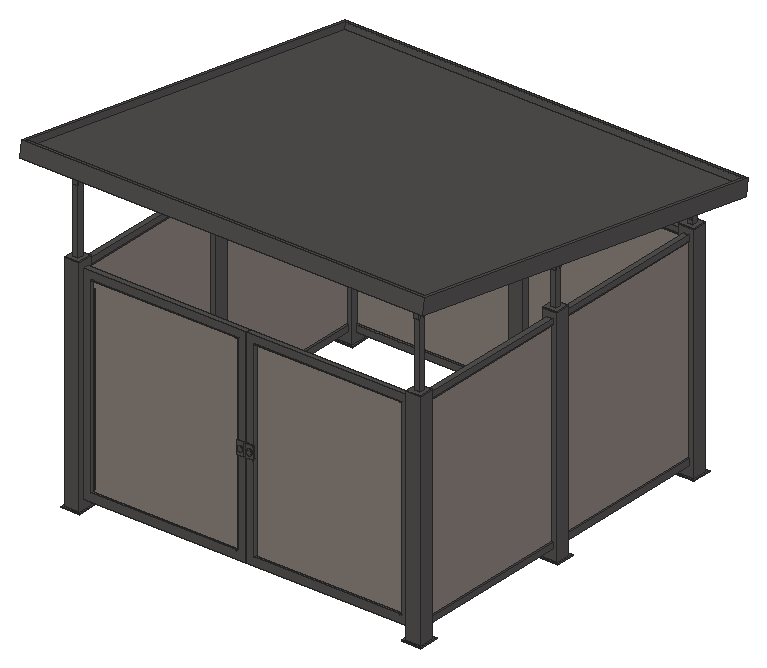
Revit family "Specialty_Equipment-Covrit-Roofed_Enclosure-Single-rev2", category Specialty Equipment, Revit 2023
Family settings
  Round Connector Dimension = Use Diameter
  Part Type = Normal
  Work Plane-Based = No
  Enable Cutting in Views = No
  Always vertical = Yes
  Cut with Voids When Loaded = No
  Maintain Annotation Orientation = No
  Shared = No
  Room Calculation Point = No
Parameters (values of type "1111R")
  URL = "https://cityscapesinc.com/"
  Model = "1111R"
  CD_Width Requested = 11' - 0"
  CD_Width Min = 11' - 0"  # constant formula
  CD_Width Max = 22' - 0"  # constant formula
  CD_Width = if(CD_Width Requested < CD_Width Min, CD_Width Min, if(CD_Width Requested > CD_Width Max, CD_Width Max, CD_Width Requested))  # 11' - 0"
  Type Comments = if(CD_Surface Mount, "Surface Mounted Covrit System", "Direct Bury Covrit System")  # "Surface Mounted Covrit System"
  CD_Surface Mount = not(CD_Direct Bury)  # yes
  CD_Product Page = "https://cityscapesinc.com/products/covrit/dumpster-enclosures"
  CD_Product Name = "Covrit Dumpster Enclosure"  # constant formula
  CD_Product Documentation Link = "https://cityscapesinc.com/products/covrit/dumpster-enclosures"
  CD_Post Spacing Width = (CD_Width / CD_# Panels Width)  # 5' - 6"
  CD_Post Spacing Depth = CD_Depth / 2  # 5' - 6"
  Manufacturer = "CityScapes"  # constant formula
  CD_Microsite = "https://www.caddetails.com/"
  CD_Infill = no
  CD_Height Roof Eave = 7' - 9"  # constant formula
  CD_Direct Bury = no
  Description = "Dumpster Gates & Walls"  # constant formula
  CD_Depth Requested = 11' - 0"
  CD_Depth Min = 11' - 0"  # constant formula
  CD_Depth Max = 13' - 0"  # constant formula
  CD_Depth = if(CD_Depth Requested < CD_Depth Min, CD_Depth Min, if(CD_Depth Requested > CD_Depth Max, CD_Depth Max, CD_Depth Requested))  # 11' - 0"
  CD_Height Wall = if(CD_8' Wall, 8' 0", if(CD_9' Wall, 9' 0", 7' 0"))  # 7' - 0"
  CD_Height Roof Peak = CD_Height Wall + 3' 8"  # 10' - 8"
  Default Elevation = 0' - 0"  # constant formula
  CD_Width Gate = CD_Width / 2  # 5' - 6"
  CD_Finish Frame = Metal-Aluminum-Cityscapes-Electric_Black
  CD_Finish = Plastic-PVC-CityScapes-Vertical-Kona
  CD_Embeddment Offset = if(CD_Direct Bury, 4' 0", 0' 0")  # 0' - 0"
  CD_9' Wall = no
  CD_8' Wall = no
  CD_7' Wall = not(or(CD_8' Wall, CD_9' Wall))  # yes
  CD_# Panels Width = 2  # constant formula
Types (5): name | Model | CD_Width Requested | CD_Width | CD_Post Spacing Width | CD_Post Spacing Depth | CD_Infill | CD_Depth Requested | CD_Depth | CD_Width Gate
  1111R | "1111R" | 11' - 0" | 11' - 0" | 5' - 6" | 5' - 6" | no | 11' - 0" | 11' - 0" | 5' - 6"
  1111R (Infill) | "1111R" | 11' - 0" | 11' - 0" | 5' - 6" | 5' - 6" | yes | 11' - 0" | 11' - 0" | 5' - 6"
  1313R | "1111R" | 13' - 0" | 13' - 0" | 6' - 6" | 6' - 6" | no | 13' - 0" | 13' - 0" | 6' - 6"
  1313R (Infill) | "1313R" | 13' - 0" | 13' - 0" | 6' - 6" | 6' - 6" | yes | 13' - 0" | 13' - 0" | 6' - 6"
  Custom Size | "Custom" | 13' - 0" | 13' - 0" | 6' - 6" | 6' - 6" | no | 13' - 0" | 13' - 0" | 6' - 6"
Reference planes (in)
  plane 1 "Center (Front/Back)": y = 0
  plane 2 "Bottom": z = 0
  plane 3 "Center (Left/Right)": x = 0
  plane 4 "Back": y = 66
  plane 5 "Front": y = -66
  plane 6 "Left": x = -66
  plane 7 "Right": x = 66
  plane 8 "Roof Peak": z = 128
  plane 9 "Roof Eave": z = 93
  plane 10 "roof offset front": y = -78
  plane 11 "roof offset back": y = 78
Lines and regions (in)
  reference lines
    curve 1: line (0, 78, 93) -> (0, -78, 128)
Dimensions and locks (in)
  equal spacing: plane 6 "Left", plane 3 "Center (Left/Right)", plane 7 "Right"
  "CD_Width": plane 6 "Left" to plane 7 "Right"
  equal spacing: plane 5 "Front", plane 1 "Center (Front/Back)", plane 4 "Back"
  "CD_Depth": plane 5 "Front" to plane 4 "Back"
  "CD_Height Roof Peak": plane 8 "Roof Peak" to plane 2 "Bottom"
  "CD_Height Roof Eave": plane 9 "Roof Eave" to plane 2 "Bottom"
  locked: plane 5 "Front" to plane 10 "roof offset front" at 12
  locked: plane 11 "roof offset back" to plane 4 "Back" at 12
  plane 6 "Left" to plane 3 "Center (Left/Right)" = 5' - 6"
  plane 3 "Center (Left/Right)" to plane 7 "Right" = 5' - 6"
  aligned and locked: level to plane 2 "Bottom"
  aligned and locked: plane 5 "Front" to nested 1
  aligned and locked: plane 4 "Back" to nested 1
  aligned and locked: plane 6 "Left" to nested 2
  aligned and locked: plane 4 "Back" to nested 3
  aligned and locked: plane 5 "Front" to nested 3
  aligned and locked: plane 6 "Left" to nested 1
  aligned and locked: plane 4 "Back" to nested 2
  aligned and locked: plane 11 "roof offset back" to curve 1
  aligned and locked: plane 9 "Roof Eave" to curve 1
  aligned and locked: plane 10 "roof offset front" to curve 1
  aligned and locked: plane 8 "Roof Peak" to curve 1
  aligned and locked: plane 8 "Roof Peak" to nested 4
  aligned and locked: plane 1 "Center (Front/Back)" to nested 4
  aligned and locked: nested 4 to curve 1
  aligned and locked: plane 5 "Front" to nested 6
  aligned and locked: nested 5 to plane 5 "Front"
  aligned and locked: nested 3 to plane 7 "Right"
  aligned and locked: nested 6 to plane 3 "Center (Left/Right)"
  aligned and locked: plane 6 "Left" to nested 6
  aligned and locked: nested 5 to plane 3 "Center (Left/Right)"
  aligned and locked: plane 7 "Right" to nested 5
  aligned and locked: plane 7 "Right" to nested 2
Nested families (in)
  nested 1: "Specialty_Equipment-Cityscapes-Covrit_NESTED" at (-66, -66, 0) x (0, 1, 0) z (0, 0, 1), type "Covrit_Line-Based_Nested"
    with built-in parameter 1001306 11 (stored number, unit not read), CD_n_Posts Calc 2, CD_n_Posts 2, CD_n_Panels 2, CD_Show First Post yes, CD_Post Spacing Control 5' - 6", CD_Post Spacing 5' - 6", CD_Panel Width 5' - 0 1/2", CD_Offset Intermediate Posts 0' - 0", CD_Offset 2 Post 0' - 0", CD_Length Actual 11' - 0", CD_Last Post Calc 0, CD_Intermediate Posts yes, CD_2 Post no, # Posts 2, CD_Wall Height Control 7' - 0", CD_H Post 7' - 0", CD_H Panel 7' - 0", CD_Wall Height 7' - 0"
  nested 2: "Specialty_Equipment-Cityscapes-Covrit_NESTED" at (-66, 66, 0), type "Covrit_Line-Based_Nested"
    with built-in parameter 1001306 11 (stored number, unit not read), CD_n_Posts Calc 2, CD_n_Posts 2, CD_n_Panels 2, CD_Show First Post no, CD_Post Spacing Control 5' - 6", CD_Post Spacing 5' - 6", CD_Panel Width 5' - 0 1/2", CD_Offset Intermediate Posts 0' - 0", CD_Offset 2 Post 0' - 0", CD_Length Actual 11' - 0", CD_Last Post Calc 0, CD_Intermediate Posts yes, CD_2 Post no, # Posts 2, CD_Wall Height Control 7' - 0", CD_H Post 7' - 0", CD_H Panel 7' - 0", CD_Wall Height 7' - 0"
  nested 3: "Specialty_Equipment-Cityscapes-Covrit_NESTED" at (66, 66, 0) x (0, -1, 0) z (0, 0, 1), type "Covrit_Line-Based_Nested"
    with built-in parameter 1001306 11 (stored number, unit not read), CD_n_Posts Calc 2, CD_n_Posts 2, CD_n_Panels 2, CD_Show First Post no, CD_Post Spacing Control 5' - 6", CD_Post Spacing 5' - 6", CD_Panel Width 5' - 0 1/2", CD_Offset Intermediate Posts 0' - 0", CD_Offset 2 Post 0' - 0", CD_Length Actual 11' - 0", CD_Last Post Calc 0, CD_Intermediate Posts yes, CD_2 Post no, # Posts 2, CD_Wall Height Control 7' - 0", CD_H Post 7' - 0", CD_H Panel 7' - 0", CD_Wall Height 7' - 0"
  nested 4: "Specialty_Equipment-Covrit-Roofed_Enclosure-Roof_1111R_NESTED" at (0, 0, 128), type "1111R"
  nested 5: "Specialty_Equipment-Cityscapes-Covrit_Gate_NESTED" at (30, -65.5, 0) x (-1, 0, 0) z (0, 0, 1), H <- "CD_Height Wall", Material_Frame <- "CD_Finish Frame", Material_Panel <- "CD_Finish", type "7.2 Rib"
    with W 5' - 6", Material_Panel Plastic-PVC-CityScapes-Vertical-Kona, Material_Frame Metal-Aluminum-Cityscapes-Electric_Black, H 7' - 0"
  nested 6: "Specialty_Equipment-Cityscapes-Covrit_Gate_NESTED" at (-30, -65.5, 0), H <- "CD_Height Wall", Material_Frame <- "CD_Finish Frame", Material_Panel <- "CD_Finish", type "7.2 Rib"
    with W 5' - 6", Material_Panel Plastic-PVC-CityScapes-Vertical-Kona, Material_Frame Metal-Aluminum-Cityscapes-Electric_Black, H 7' - 0"
Definition of nested family "Specialty_Equipment-Cityscapes-Covrit_NESTED"
  Parameters (values of type "Covrit_Line-Based_Nested")
    Type Comments = if(CD_Surface Mount, "Surface Mounted Covrit System", "Direct Bury Covrit System")  # "Surface Mounted Covrit System"
    CD_Wall Height Control = if(CD_Wall Height < 14' 0", CD_Wall Height, 14' 0")  # 6' - 4"
    CD_Surface Mount Offset = 0' - 0"  # constant formula
    CD_Post Spacing [instance] = CD_Length Actual / # Posts  # 6' - 6"
    CD_Intermediate Posts [instance] = if(CD_n_Posts Calc < 2, 1 = 0, 1 = 1)  # yes
    CD_Show First Post [instance] = yes
    CD_Direct Bury Embedment Depth = 4' - 0"
    CD_2 Post [instance] = no
    CD_n_Posts Calc [instance] = ([built-in parameter 1001306] / CD_Post Spacing Control) - CD_Last Post Calc  # 2
    CD_n_Posts [instance] = if((([built-in parameter 1001306] / CD_Post Spacing Control) - CD_Last Post Calc) < 2, 2, (rounddown(([built-in parameter 1001306] / CD_Post Spacing Control) - CD_Last Post Calc)))  # 2
    CD_n_Panels [instance] = if((([built-in parameter 1001306] / CD_Post Spacing Control) - CD_Last Post Calc) < 2, 2, (rounddown(([built-in parameter 1001306] / CD_Post Spacing Control))))  # 2
    URL = "https://cityscapesinc.com/"
    CD_Offset Intermediate Posts [instance] = if(CD_Intermediate Posts, 0' 0", 0' 0")  # 0' - 0"
    CD_Offset 2 Post [instance] = if(CD_2 Post, 0' 0 1/4", 0' 0")  # 0' - 0"
    Model = "Covrit"  # constant formula
    CD_Finish = none
    CD_Finish Frame = none
    Manufacturer = "CityScapes"  # constant formula
    built-in parameter 1001306 [instance] = CD_Length Actual  # 13' - 0"
    CD_Post Embedment = if(CD_Surface Mount, CD_Surface Mount Offset, CD_Direct Bury Embedment Depth)  # 0' - 0"
    CD_H Post = CD_Wall Height Control  # 6' - 4"
    CD_H Panel = CD_Wall Height Control  # 6' - 4"
    Description = "Dumpster Gates & Walls"  # constant formula
    Default Elevation = 0' - 0"  # constant formula
    CD_Wall Height = 6' - 4"
    CD_Product Page URL = "https://cityscapesinc.com/products/covrit/gates-walls"
    CD_Product Name = "Covrit"  # constant formula
    CD_Product Documentation Link = "https://9415688.fs1.hubspotusercontent-na1.net/hubfs/9415688/CityScapes%20Inc%20Assets/Brochures/Covrit%20Brochure.pdf"
    CD_Microsite = "https://www.caddetails.com/"
    CD_Surface Mount = yes
    CD_Post Spacing Control [instance] = if(CD_Post Spacing < 4' 0", 4' 0", if(CD_Post Spacing > 6' 6", 6' 6", CD_Post Spacing))  # 6' - 6"
    CD_Panel Width [instance] = CD_Post Spacing Control - 0' 5 1/2"  # 6' - 0 1/2"
    CD_Length Actual [instance] = 13' - 0"
    CD_Last Post Calc [instance] = 0
    CD_Direct Bury = not(CD_Surface Mount)  # no
    Assembly Code = "E1010900"
    # Posts [instance] = if(CD_Length Actual < 14' 0", 2, if(CD_Length Actual > 19' 6", 4, 3))  # 2
  Reference planes (in)
    plane 1 "Center (Front/Back)": y = 0
    plane 2 "Bottom": z = 0
    plane 3 "Left": x = 0
    plane 4 "Right": x = 156
    plane 5 "Post 1": x = 78
    plane 6 "Post End": x = 156
    plane 7 "Post 2": x = 156
    plane 8 "2 Post Offset": y = 0
    plane 9 "Intermediate Post Offset": y = 0
    plane 10 "Insertion Plane": x = 2.75
  Lines and regions (in)
    reference lines
      curve 1: line (0, 0, 0) -> (156, 0, 0)
  Dimensions and locks (in)
    "built-in parameter 1001306": plane 3 "Left" to plane 4 "Right"
    "CD_Post Spacing Control": plane 3 "Left" to plane 5 "Post 1"
    "CD_Length Actual": plane 3 "Left" to plane 6 "Post End"
    "CD_Post Spacing Control": plane 5 "Post 1" to plane 7 "Post 2"
    group 1 to group 2 = 6' - 6"
    group 1 to group 2 = 0' - 0"  (x2)
    group 3 to group 4 = 6' - 6"
    group 3 to group 4 = 0' - 0"  (x2)
    "CD_Offset 2 Post": plane 8 "2 Post Offset" to plane 1 "Center (Front/Back)"
    "CD_Offset Intermediate Posts": plane 9 "Intermediate Post Offset" to plane 1 "Center (Front/Back)"
    plane 3 "Left" to plane 10 "Insertion Plane" = 0' - 2 3/4"
    aligned and locked: plane 4 "Right" to curve 1
    aligned and locked: plane 1 "Center (Front/Back)" to curve 1
    aligned and locked: plane 3 "Left" to curve 1
    aligned and locked: level to plane 2 "Bottom"
    aligned and locked: plane 3 "Left" to nested 1
    aligned and locked: plane 5 "Post 1" to nested 2
    aligned and locked: plane 7 "Post 2" to nested 3
    aligned and locked: plane 6 "Post End" to nested 4
    aligned and locked: nested 5 to level
    aligned and locked: plane 3 "Left" to nested 5
    aligned and locked: plane 3 "Left" to nested 6
    aligned and locked: plane 5 "Post 1" to nested 7
    aligned and locked: plane 8 "2 Post Offset" to nested 6
    aligned and locked: plane 8 "2 Post Offset" to nested 4
    aligned and locked: plane 9 "Intermediate Post Offset" to nested 5
    aligned and locked: plane 9 "Intermediate Post Offset" to nested 7
    aligned and locked: plane 9 "Intermediate Post Offset" to nested 2
    aligned and locked: plane 9 "Intermediate Post Offset" to nested 3
    aligned and locked: plane 1 "Center (Front/Back)" to nested 1
  Nested families (in)
    nested 1: "Specialty_Equipment-Cityscapes-Covrit_Post_NESTED" at (0, 0, 0), visible <- "CD_Show First Post", H <- "CD_H Post", CD_Finish Frame <- "CD_Finish Frame", CD_Embedment Offset <- "CD_Post Embedment", type "Specialty_Equipment-Cityscapes-Covrit_Post_NESTED"
      with H 6' - 4", CD_Finish Frame none, CD_Embedment Offset 0' - 0", CD_Baseplate yes
    nested 2: "Specialty_Equipment-Cityscapes-Covrit_Post_NESTED" at (78, 0, 0), visible <- "CD_Intermediate Posts", H <- "CD_H Post", CD_Finish Frame <- "CD_Finish Frame", CD_Embedment Offset <- "CD_Post Embedment", type "Specialty_Equipment-Cityscapes-Covrit_Post_NESTED"
      with H 6' - 4", CD_Finish Frame none, CD_Embedment Offset 0' - 0", CD_Baseplate yes
    nested 3: "Specialty_Equipment-Cityscapes-Covrit_Post_NESTED" at (156, 0, 0), visible <- "CD_Intermediate Posts", H <- "CD_H Post", CD_Finish Frame <- "CD_Finish Frame", CD_Embedment Offset <- "CD_Post Embedment", type "Specialty_Equipment-Cityscapes-Covrit_Post_NESTED"
      with H 6' - 4", CD_Finish Frame none, CD_Embedment Offset 0' - 0", CD_Baseplate yes
    nested 4: "Specialty_Equipment-Cityscapes-Covrit_Post_NESTED" at (156, 0, 0), visible <- "CD_2 Post", H <- "CD_H Post", CD_Finish Frame <- "CD_Finish Frame", CD_Embedment Offset <- "CD_Post Embedment", type "Specialty_Equipment-Cityscapes-Covrit_Post_NESTED"
      with H 6' - 4", CD_Finish Frame none, CD_Embedment Offset 0' - 0", CD_Baseplate yes
    nested 5: "Specialty_Equipment-Cityscapes-Covrit_Panel" at (39, 0.5, 0), H <- "CD_H Panel", visible <- "CD_Intermediate Posts", W <- "CD_Post Spacing Control", Material_Frame <- "CD_Finish Frame", Material_Panel <- "CD_Finish", type "7.2 Rib"
      with W 6' - 6", Material_Panel none, Material_Frame none, H 6' - 4"
    nested 6: "Specialty_Equipment-Cityscapes-Covrit_Panel" at (39, 0.5, 0), H <- "CD_H Panel", visible <- "CD_2 Post", W <- "CD_Post Spacing Control", Material_Frame <- "CD_Finish Frame", Material_Panel <- "CD_Finish", type "7.2 Rib"
      with W 6' - 6", Material_Panel none, Material_Frame none, H 6' - 4"
    nested 7: "Specialty_Equipment-Cityscapes-Covrit_Panel" at (117, 0.5, 0), H <- "CD_H Panel", visible <- "CD_Intermediate Posts", W <- "CD_Post Spacing Control", Material_Frame <- "CD_Finish Frame", Material_Panel <- "CD_Finish", type "7.2 Rib"
      with W 6' - 6", Material_Panel none, Material_Frame none, H 6' - 4"
  Definition of nested family "Specialty_Equipment-Cityscapes-Covrit_Post_NESTED"
    Parameters (values of type "Specialty_Equipment-Cityscapes-Covrit_Post_NESTED")
      CD_Baseplate [instance] = if(CD_Embedment Offset = 0' 0", 1 = 1, 1 = 0)  # no
      W = 0' - 5 1/2"  # constant formula
      CD_Finish Frame [instance] = none
      CD_Embedment Offset [instance] = 4' - 0"
      H [instance] = 8' - 0"
      Default Elevation = 0' - 0"  # constant formula
      D = 0' - 5 1/2"  # constant formula
    Reference planes (in)
      plane 1 "Center (Front/Back)": y = 0
      plane 2 "Bottom": z = 0
      plane 3 "Center (Left/Right)": x = 0
      plane 4: x = -2.75
      plane 5: x = 2.75
      plane 6: y = 2.75
      plane 7: y = -2.75
      plane 8 "Top": z = 96
      plane 9 "Embedment": z = -48
      plane 10 "Top Offset": z = 98.5
    Forms (in)
      Extrusion 1, solid, material <- "CD_Finish Frame"
        sketch origin (0, 0, 0) x (1, 0, 0) y (0, 1, 0)
          loop
            line (-2.75, -2.75) -> (2.75, -2.75) -> (2.75, 2.75) -> (-2.75, 2.75) -> (-2.75, -2.75)
        from -48 to 98.5
      Extrusion 2, solid, material <- "CD_Finish Frame", visible <- "CD_Baseplate", detail levels fine
        sketch origin (0, 0, 0) x (1, 0, 0) y (0, 1, 0)
          loop
            line (-3.75, 3.75) -> (-3.75, -3.75) -> (3.75, -3.75) -> (3.75, 3.75) -> (-3.75, 3.75)
        from 0 to 0.25
    Dimensions and locks (in)
      equal spacing: plane 4, plane 3 "Center (Left/Right)", plane 5
      "W": plane 4 to plane 5
      "D": plane 7 to plane 6
      equal spacing: plane 7, plane 1 "Center (Front/Back)", plane 6
      "H": plane 8 "Top" to level
      plane 1 "Center (Front/Back)" to Extrusion 1 = 0' - 2 3/4"
      Extrusion 2 sketch curve to plane 3 "Center (Left/Right)" to Extrusion 2 sketch curve = 0' - 3 3/4" locked, 0' - 3 3/4" locked
      Extrusion 2 sketch curve to plane 1 "Center (Front/Back)" to Extrusion 2 sketch curve = 0' - 3 3/4" locked, 0' - 3 3/4" locked
      locked: Extrusion 2 to level at 0.25
      "CD_Embedment Offset": level to plane 9 "Embedment"
      locked: plane 10 "Top Offset" to plane 8 "Top" at 2.5
      aligned and locked: level to plane 2 "Bottom"
      aligned and locked: Extrusion 1 to plane 6
      aligned and locked: plane 5 to Extrusion 1
      aligned and locked: plane 7 to Extrusion 1
      aligned and locked: Extrusion 1 to plane 4
      aligned and locked: Extrusion 1 to plane 9 "Embedment"
      aligned and locked: plane 10 "Top Offset" to Extrusion 1
    Automatic sketch dimensions
      plane 4 to Extrusion 1 sketch curve = 0' - 0"
      plane 5 to Extrusion 1 sketch curve = 0' - 0"
      plane 1 "Center (Front/Back)" to Extrusion 1 sketch curve = 0' - 2 3/4"
      plane 6 to Extrusion 1 sketch curve = 0' - 0"
  Definition of nested family "Specialty_Equipment-Cityscapes-Covrit_Panel"
    Parameters (values of type "7.2 Rib")
      TH Panel = 0' - 1"
      Material_Panel [instance] = none
      Material_Frame [instance] = none
      D Rail = 0' - 2"
      W [instance] = 6' - 0"
      H Rail = 0' - 2 3/4"
      H [instance] = 8' - 0"
      Default Elevation = 0' - 0"  # constant formula
      D = 0' - 5 1/2"  # constant formula
      CD_Curb Height = 0' - 4"  # constant formula
    Reference planes (in)
      plane 1 "Bottom": z = 0
      plane 2 "Center (Left/Right)": x = 0
      plane 3 "Left": x = -36
      plane 4 "Right": x = 36
      plane 5 "L Panel": x = -33.25
      plane 6 "R Panel": x = 33.25
      plane 7 "B Panel": z = 4
      plane 8 "Rail H Top": z = 93.25
      plane 9 "Rail H Bottom": z = 6.75
      plane 10 "Center (Front/Back)": y = -0.5
      plane 11 "H": z = 96
      plane 12 "Front Panel": y = -1
      plane 13 "Back Panel": y = 0
    Forms (in)
      Extrusion 1, solid, material <- "Material_Frame", detail levels coarse
        sketch origin (0, -0.25, 8) x (0, 1, 0) y (0, 0, 1)
          loop
            line (0.75, -4) -> (0.75, -1.25) -> (0.25, -1.25) -> (0.25, -2.25) -> (-0.75, -2.25) -> (-0.75, -1.25) -> (-1.25, -1.25) -> (-1.25, -4) -> (0.75, -4)
          loop
            line (0.75, 85.25) -> (0.75, 88) -> (-1.25, 88) -> (-1.25, 85.25) -> (-0.75, 85.25) -> (-0.75, 86.25) -> (0.25, 86.25) -> (0.25, 85.25) -> (0.75, 85.25)
        from -33.25 to 33.25
      Extrusion 2, solid, material <- "Material_Frame", detail levels medium+fine
        sketch origin (0, 0, 0) x (0, 1, 0) y (0, 0, 1)
          loop
            line (-1.5, 96) -> (-1.5, 93.75)
            arc (-1.5, 93.75) -> (-1.35355, 93.39645) -> (-1, 93.25) r 0.5
            line (-1, 93.25) -> (-1, 94.25) -> (0, 94.25) -> (0, 93.25)
            arc (0, 93.25) -> (0.35355, 93.39645) -> (0.5, 93.75) r 0.5
            line (0.5, 93.75) -> (0.5, 96) -> (-1.5, 96)
          loop
            line (-1.5, 6.25) -> (-1.5, 4) -> (0.5, 4) -> (0.5, 6.25)
            arc (0.5, 6.25) -> (0.35355, 6.60355) -> (0, 6.75) r 0.5
            line (0, 6.75) -> (0, 5.75) -> (-1, 5.75) -> (-1, 6.75)
            arc (-1, 6.75) -> (-1.35355, 6.60355) -> (-1.5, 6.25) r 0.5
        from -33.25 to 33.25
      Extrusion 3, solid, material <- "Material_Panel"
        sketch origin (0, -0.5, 0) x (1, 0, 0) y (0, 0, 1)
          loop
            line (-33.25, 94.25) -> (-33.25, 5.75) -> (33.25, 5.75) -> (33.25, 94.25) -> (-33.25, 94.25)
        from -0.5 to 0.5
    Dimensions and locks (in)
      equal spacing: plane 3 "Left", plane 2 "Center (Left/Right)", plane 4 "Right"
      "W": plane 3 "Left" to plane 4 "Right"
      locked: plane 3 "Left" to plane 5 "L Panel" at 2.75
      locked: plane 6 "R Panel" to plane 4 "Right" at 2.75
      "H Rail": plane 9 "Rail H Bottom" to plane 7 "B Panel"
      "D Rail": Extrusion 1 sketch curve to Extrusion 1 sketch curve  (x2)
      equal spacing: Extrusion 1 sketch curve, plane 10 "Center (Front/Back)", Extrusion 1 sketch curve  (x2)
      "CD_Curb Height": plane 7 "B Panel" to level
      "H": plane 11 "H" to level
      "H Rail": plane 11 "H" to plane 8 "Rail H Top"
      locked: Extrusion 1 sketch curve to plane 8 "Rail H Top" at 1
      Extrusion 1 sketch curve to plane 10 "Center (Front/Back)" to Extrusion 1 sketch curve = 0' - 0 1/2" locked, 0' - 0 1/2" locked  (x2)
      locked: plane 9 "Rail H Bottom" to Extrusion 1 sketch curve at 1
      "D Rail": Extrusion 2 sketch curve to Extrusion 2 sketch curve  (x2)
      equal spacing: Extrusion 2 sketch curve, plane 10 "Center (Front/Back)", Extrusion 2 sketch curve  (x2)
      locked: plane 9 "Rail H Bottom" to Extrusion 2 sketch curve at 1
      locked: Extrusion 2 sketch curve to plane 8 "Rail H Top" at 1
      equal spacing: plane 12 "Front Panel", plane 10 "Center (Front/Back)", plane 13 "Back Panel"
      "TH Panel": plane 12 "Front Panel" to plane 13 "Back Panel"
      locked: plane 9 "Rail H Bottom" to Extrusion 3 at 1
      locked: Extrusion 3 to plane 8 "Rail H Top" at 1
      aligned and locked: level to plane 1 "Bottom"
      aligned and locked: plane 6 "R Panel" to Extrusion 1
      aligned and locked: Extrusion 1 to plane 5 "L Panel"
      aligned and locked: plane 8 "Rail H Top" to Extrusion 1 sketch curve
      aligned and locked: Extrusion 1 sketch curve to plane 11 "H"
      aligned and locked: plane 7 "B Panel" to Extrusion 1 sketch curve
      aligned and locked: Extrusion 1 sketch curve to plane 9 "Rail H Bottom"
      aligned and locked: plane 11 "H" to Extrusion 2 sketch curve
      aligned and locked: Extrusion 2 sketch curve to plane 7 "B Panel"
      aligned and locked: plane 8 "Rail H Top" to Extrusion 2 sketch curve  (x2)
      aligned and locked: plane 9 "Rail H Bottom" to Extrusion 2 sketch curve  (x2)
      aligned and locked: plane 6 "R Panel" to Extrusion 2
      aligned and locked: Extrusion 2 to plane 5 "L Panel"
      aligned and locked: Extrusion 2 sketch curve to plane 12 "Front Panel"  (x2)
      aligned and locked: plane 13 "Back Panel" to Extrusion 2 sketch curve  (x2)
      aligned and locked: Extrusion 3 to plane 13 "Back Panel"
      aligned and locked: plane 12 "Front Panel" to Extrusion 3
      aligned and locked: Extrusion 3 to plane 5 "L Panel"
      aligned and locked: plane 6 "R Panel" to Extrusion 3
    Automatic sketch dimensions
      plane 5 "L Panel" to Extrusion 3 sketch curve = 0' - 0"
      Extrusion 3 sketch curve to plane 6 "R Panel" = 0' - 0"
      Extrusion 3 sketch curve to plane 9 "Rail H Bottom" = 0' - 1"
      plane 8 "Rail H Top" to Extrusion 3 sketch curve = 0' - 1"
      Extrusion 1 sketch curve to plane 9 "Rail H Bottom" = 0' - 0"
      Extrusion 1 sketch curve to plane 8 "Rail H Top" = 0' - 0"
      Extrusion 2 sketch curve to plane 12 "Front Panel" = 0' - 0"
      Extrusion 2 sketch curve to plane 8 "Rail H Top" = 0' - 0"
Definition of nested family "Specialty_Equipment-Covrit-Roofed_Enclosure-Roof_1111R_NESTED"
  Parameters (values of type "1111R")
    Width Requested = 16' - 0"
    Width Min = 11' - 0"  # constant formula
    Width Max = 22' - 0"  # constant formula
    Width = if(Width Requested < Width Min, Width Min, if(Width Requested > Width Max, Width Max, Width Requested))  # 16' - 0"
    Post Spacing Depth = Depth / 2  # 6' - 6"
    Infill = no
    Height Roof Eave = 7' - 9"  # constant formula
    Height Post Middle = 1' - 10"
    Height Post Low = 0' - 10 1/2"
    Height Post High = 2' - 10"
    Depth Requested = 13' - 0"
    Depth Min = 11' - 0"  # constant formula
    Depth Max = 13' - 0"  # constant formula
    Depth = if(Depth Requested < Depth Min, Depth Min, if(Depth Requested > Depth Max, Depth Max, Depth Requested))  # 13' - 0"
    Height Wall = 6' - 4"  # constant formula
    Height Roof Peak = 10' - 0"  # constant formula
    Default Elevation = 0' - 0"  # constant formula
    CD_Finish Frame = none
  Reference planes (in)
    plane 1 "Center (Front/Back)": y = 0
    plane 2 "Top": z = 0
    plane 3 "Center (Left/Right)": x = 0
    plane 4 "Back": y = 78
    plane 5 "Front": y = -78
    plane 6 "Left": x = -96
    plane 7 "Right": x = 96
    plane 8 "roof offset front": y = -90
    plane 9 "roof offset back": y = 90
    plane 10 "eave": z = -27
    plane 11 "Top post": z = -41.5
    plane 12 "left offset": x = -108
    plane 13 "right offset": x = 108
    plane 14 "vertex": z = -31.01228
    plane 15 "Center F/H": z = -19.5892
    plane 16 "Center F/I": z = -8.16613
    plane 17 "left offset 1": x = -93.25
    plane 18 "right offset 1": x = -2.75
    plane 19 "left offset 2": x = 2.75
    plane 20 "right offset 2": x = 93.25
    plane 21 "front offset 1": y = -75.25
    plane 22 "back offset 1": y = -2.75
    plane 23 "front offset 2": y = 2.75
    plane 24 "back offset 2": y = 75.25
  Forms (in)
    Extrusion 1, solid, material <- "CD_Finish Frame", detail levels coarse
      sketch origin (0, 0, 0) x (0, 1, 0) y (0, 0, 1)
        loop
          line (90, -27) -> (-90, 0) -> (-90.89004, -5.93362) -> (89.10996, -32.93362) -> (90, -27)
      from -108 to 108
    Sweep 2, solid, material <- "CD_Finish Frame", detail levels medium+fine
      path in 3D
        loop
          line (-108, -90, 0) -> (-108, 90, -27) -> (108, 90, -27) -> (108, -90, 0) -> (-108, -90, 0)
      profile origin (0, -90, 0) x (0, -0.14834, -0.988936) y (0, -0.988936, 0.14834)
        loop
          line (0, 0) -> (0, -1) -> (6, -1) -> (6, 0) -> (0, 0)
    Extrusion 3, solid, material <- "CD_Finish Frame", detail levels medium+fine
      sketch origin (0, 0, 0) x (0, 1, 0) y (0, 0, 1)
        loop
          line (88.45479, -30.56017) -> (88.6773, -29.07677) -> (-89.34483, -2.37345) -> (-89.56734, -3.85685) -> (88.45479, -30.56017)
      from -107 to 107
    Extrusion 4, solid, material <- "CD_Finish Frame"
      sketch origin (0, 0, 0) x (0, 1, 0) y (0, 0, 1)
        loop
          line (79.14901, -34.30735) -> (79.96933, -29.22851) -> (77.99492, -28.90961) -> (77.1746, -33.98844) -> (79.14901, -34.30735)
        loop
          line (1.14901, -22.80735) -> (1.96933, -17.72851) -> (-0.00508, -17.40961) -> (-0.8254, -22.48844) -> (1.14901, -22.80735)
        loop
          line (-76.85099, -10.80735) -> (-76.03067, -5.72851) -> (-78.00508, -5.40961) -> (-78.8254, -10.48844) -> (-76.85099, -10.80735)
      from -96 to 96
  Lines and regions (in)
    reference lines
      curve 1: line (0, 90, -27) -> (0, -90, 0)
    sketch lines
      curve 2: line (108, -90, 0) -> (-108, -90, 0)
      curve 3: line (108, 90, -27) -> (108, -90, 0)
      curve 4: line (108, 90, -27) -> (-108, 90, -27)
      curve 5: line (-108, -90, 0) -> (-108, 90, -27)
  Dimensions and locks (in)
    equal spacing: plane 6 "Left", plane 3 "Center (Left/Right)", plane 7 "Right"
    "Width": plane 6 "Left" to plane 7 "Right"
    equal spacing: plane 5 "Front", plane 1 "Center (Front/Back)", plane 4 "Back"
    "Depth": plane 5 "Front" to plane 4 "Back"
    locked: plane 5 "Front" to plane 8 "roof offset front" at 12
    locked: plane 9 "roof offset back" to plane 4 "Back" at 12
    locked: plane 10 "eave" to plane 11 "Top post" at 14.5
    locked: Extrusion 1 sketch curve to curve 1 at 6
    locked: plane 12 "left offset" to plane 6 "Left" at 12
    locked: plane 7 "Right" to plane 13 "right offset" at 12
    locked: profile plane to Sweep 2 sketch curve at 6
    locked: profile plane to Sweep 2 sketch curve at 1
    Sweep 2 to Extrusion 3 sketch curve to Extrusion 3 sketch curve = 0' - 2 1/4" locked, 0' - 1 1/2" locked
    plane 14 "vertex" to plane 11 "Top post" = 0' - 10.48772"
    plane 4 "Back" to plane 5 "Front" = 13' - 0"
    locked: nested 1 to Extrusion 4 sketch curve at 0.25  (x4)
    locked: nested 2 to Extrusion 4 sketch curve at 0.25  (x4)
    locked: Extrusion 4 sketch curve to nested 3 at 0.25  (x2)
    locked: nested 3 to Extrusion 4 sketch curve at 0.25
    Extrusion 4 sketch curve to nested 3 = 0' - 0 1/4"
    locked: plane 20 "right offset 2" to plane 7 "Right" at 2.75
    locked: plane 6 "Left" to plane 17 "left offset 1" at 2.75
    locked: plane 24 "back offset 2" to plane 4 "Back" at 2.75
    plane 22 "back offset 1" to plane 1 "Center (Front/Back)" to plane 23 "front offset 2" = 0' - 2 3/4" locked, 0' - 2 3/4" locked
    locked: plane 5 "Front" to plane 21 "front offset 1" at 2.75
    plane 17 "left offset 1" to plane 18 "right offset 1" = 7' - 6 1/2"
    plane 18 "right offset 1" to plane 3 "Center (Left/Right)" to plane 19 "left offset 2" = 0' - 2 3/4" locked, 0' - 2 3/4" locked
    plane 19 "left offset 2" to plane 20 "right offset 2" = 7' - 6 1/2"
    angle plane 10 "eave" to Sweep 2 = 8.53077°
    aligned and locked: level to plane 2 "Top"
    aligned and locked: plane 10 "eave" to curve 1
    aligned and locked: Extrusion 1 sketch curve to curve 1
    aligned and locked: plane 8 "roof offset front" to Extrusion 1 sketch curve
    aligned and locked: plane 9 "roof offset back" to Extrusion 1 sketch curve
    aligned and locked: Extrusion 1 to plane 12 "left offset"
    aligned and locked: plane 13 "right offset" to Extrusion 1
    aligned and locked: Sweep 2 sketch curve to profile plane  (x2)
    aligned and locked: Sweep 2 to Extrusion 3 sketch curve
    aligned and locked: Extrusion 3 sketch curve to Sweep 2
    aligned and locked: Extrusion 3 to Sweep 2  (x2)
    aligned and locked: plane 6 "Left" to nested 1
    aligned and locked: plane 4 "Back" to nested 1
    aligned and locked: plane 11 "Top post" to nested 1
    aligned and locked: nested 2 to plane 1 "Center (Front/Back)"
    aligned and locked: plane 6 "Left" to nested 2
    aligned and locked: plane 6 "Left" to nested 3
    aligned and locked: plane 5 "Front" to nested 3
    aligned and locked: plane 11 "Top post" to nested 2
    aligned and locked: plane 11 "Top post" to nested 3
    aligned and locked: plane 7 "Right" to nested 4
    aligned and locked: plane 4 "Back" to nested 4
    aligned and locked: plane 7 "Right" to nested 5
    aligned and locked: plane 1 "Center (Front/Back)" to nested 5
    aligned and locked: plane 7 "Right" to nested 6
    aligned and locked: plane 5 "Front" to nested 6
    aligned and locked: plane 11 "Top post" to nested 4
    aligned and locked: plane 11 "Top post" to nested 5
    aligned and locked: plane 11 "Top post" to nested 6
    aligned and locked: Extrusion 4 to plane 7 "Right"
    aligned and locked: Extrusion 4 to plane 6 "Left"
    aligned and locked: nested 8 to plane 6 "Left"
    aligned and locked: plane 5 "Front" to nested 7
    aligned and locked: plane 23 "front offset 2" to nested 9
    aligned and locked: plane 24 "back offset 2" to nested 9
    aligned and locked: plane 22 "back offset 1" to nested 8
    aligned and locked: nested 9 to plane 6 "Left"
    aligned and locked: plane 5 "Front" to nested 10
    aligned and locked: plane 24 "back offset 2" to nested 12
    aligned and locked: plane 23 "front offset 2" to nested 12
    aligned and locked: plane 22 "back offset 1" to nested 11
    aligned and locked: plane 21 "front offset 1" to nested 8  (x2)
    aligned and locked: nested 11 to plane 7 "Right"
    aligned and locked: nested 12 to plane 7 "Right"
    aligned and locked: nested 11 to nested 8
    aligned and locked: nested 7 to plane 3 "Center (Left/Right)"
    aligned and locked: nested 10 to plane 3 "Center (Left/Right)"
    aligned and locked: plane 20 "right offset 2" to nested 10
    aligned and locked: plane 17 "left offset 1" to nested 7
    aligned and locked: plane 17 "left offset 1" to nested 13
    aligned and locked: plane 3 "Center (Left/Right)" to nested 13
    aligned and locked: plane 3 "Center (Left/Right)" to nested 14
    aligned and locked: plane 20 "right offset 2" to nested 14
    aligned and locked: nested 14 to plane 4 "Back"
    aligned and locked: plane 4 "Back" to nested 13
  Automatic sketch dimensions
    curve 1 to level = 0' - 0"
    curve 1 to plane 8 "roof offset front" = 0' - 0"
    curve 1 to plane 9 "roof offset back" = 0' - 0"
  Nested families (in)
    nested 1: "Specialty_Equipment-Covrit-Roofed_Enclosure-Post_NESTED" at (-96, 78, -41.5), Height <- "Height Post Low", type "1111R"
      with Height 0' - 10 1/2"
    nested 2: "Specialty_Equipment-Covrit-Roofed_Enclosure-Post_NESTED" at (-96, 0, -41.5), Height <- "Height Post Middle", type "1111R"
      with Height 1' - 10"
    nested 3: "Specialty_Equipment-Covrit-Roofed_Enclosure-Post_NESTED" at (-96, -78, -41.5), Height <- "Height Post High", type "1111R"
      with Height 2' - 10"
    nested 4: "Specialty_Equipment-Covrit-Roofed_Enclosure-Post_NESTED" at (96, 78, -41.5), Height <- "Height Post Low", type "1111R"
      with Height 0' - 10 1/2"
    nested 5: "Specialty_Equipment-Covrit-Roofed_Enclosure-Post_NESTED" at (96, 0, -41.5), Height <- "Height Post Middle", type "1111R"
      with Height 1' - 10"
    nested 6: "Specialty_Equipment-Covrit-Roofed_Enclosure-Post_NESTED" at (96, -78, -41.5), Height <- "Height Post High", type "1111R"
      with Height 2' - 10"
    nested 7: "Specialty_Equipment-Cityscapes-Covrit_Infill_NESTED" at (-36, -77.5, -41.5), H <- "Height Post High", visible <- "Infill", Material_Frame <- "CD_Finish Frame", type "Infill Panel - Front"
      with W 7' - 9 1/4", Material_Frame none, H 2' - 10"
    nested 8: "Specialty_Equipment-Cityscapes-Covrit_Infill_NESTED" at (-95.5, -39.25, -41.5) x (0, -1, 0) z (0, 0, 1), H <- "Height Post High", visible <- "Infill", Material_Frame <- "CD_Finish Frame", type "Infill Panel - Side"
      with W 6' - 0 1/2", Material_Frame none, H 2' - 10"
    nested 9: "Specialty_Equipment-Cityscapes-Covrit_Infill_NESTED" at (-95.5, 38.75, -41.5) x (0, -1, 0) z (0, 0, 1), H <- "Height Post Middle", visible <- "Infill", Material_Frame <- "CD_Finish Frame", type "Infill Panel - Side"
      with W 6' - 0 1/2", Material_Frame none, H 1' - 10"
    nested 10: "Specialty_Equipment-Cityscapes-Covrit_Infill_NESTED" at (57.25, -77.5, -41.5), H <- "Height Post High", visible <- "Infill", Material_Frame <- "CD_Finish Frame", type "Infill Panel - Front"
      with W 7' - 9 1/4", Material_Frame none, H 2' - 10"
    nested 11: "Specialty_Equipment-Cityscapes-Covrit_Infill_NESTED" at (96.5, -39.25, -41.5) x (0, -1, 0) z (0, 0, 1), H <- "Height Post High", visible <- "Infill", Material_Frame <- "CD_Finish Frame", type "Infill Panel - Side"
      with W 6' - 0 1/2", Material_Frame none, H 2' - 10"
    nested 12: "Specialty_Equipment-Cityscapes-Covrit_Infill_NESTED" at (96.5, 38.75, -41.5) x (0, -1, 0) z (0, 0, 1), H <- "Height Post Middle", visible <- "Infill", Material_Frame <- "CD_Finish Frame", type "Infill Panel - Side"
      with W 6' - 0 1/2", Material_Frame none, H 1' - 10"
    nested 13: "Specialty_Equipment-Cityscapes-Covrit_Infill_NESTED" at (-36, 78.5, -41.5), H <- "Height Post Low", visible <- "Infill", Material_Frame <- "CD_Finish Frame", type "Infill Panel - Front"
      with W 7' - 9 1/4", Material_Frame none, H 0' - 10 1/2"
    nested 14: "Specialty_Equipment-Cityscapes-Covrit_Infill_NESTED" at (36, 78.5, -41.5) x (-1, 0, 0) z (0, 0, 1), H <- "Height Post Low", visible <- "Infill", Material_Frame <- "CD_Finish Frame", type "Infill Panel - Front"
      with W 7' - 9 1/4", Material_Frame none, H 0' - 10 1/2"
  Definition of nested family "Specialty_Equipment-Covrit-Roofed_Enclosure-Post_NESTED"
    Parameters (values of type "1111R")
      Height [instance] = 3' - 0"
      Default Elevation = 0' - 0"  # constant formula
      CD_Finish Frame = none
    Reference planes (in)
      plane 1 "Center (Front/Back)": y = 0
      plane 2 "Top": z = 0
      plane 3 "Center (Left/Right)": x = 0
      plane 4 "eave": z = 36
      plane 5 "Top Post": z = 31.75
    Forms (in)
      Extrusion 1, solid, material <- "CD_Finish Frame"
        sketch origin (0, 0, 0) x (1, 0, 0) y (0, 1, 0)
          loop
            line (-2.75, 2.75) -> (-2.75, -2.75) -> (2.75, -2.75) -> (2.75, 2.75) -> (-2.75, 2.75)
        from 0 to 0.25
      Extrusion 2, solid, material <- "CD_Finish Frame"
        sketch origin (0, 0, 0) x (1, 0, 0) y (0, 1, 0)
          loop
            line (-1, 1) -> (-1, -1) -> (1, -1) -> (1, 1) -> (-1, 1)
        from 0.25 to 31.75
      Extrusion 3, solid, material <- "CD_Finish Frame"
        sketch origin (0, 0, 0) x (0, 1, 0) y (0, 0, 1)
          loop
            line (1, 31.77006) -> (1, 27.5) -> (1.25, 27.5) -> (1.25, 31.75) -> (2.256, 37.97843) -> (-0.21202, 38.37706) -> (-1.25, 31.9506) -> (-1.25, 27.5) -> (-1, 27.5) -> (-1, 31.93054) -> (-0.86526, 32.76475) -> (1.10915, 32.44585) -> (1, 31.77006)
        from -1 to 1
    Dimensions and locks (in)
      equal spacing: Extrusion 1 sketch curve, plane 3 "Center (Left/Right)", Extrusion 1 sketch curve
      locked: Extrusion 1 sketch curve to Extrusion 1 sketch curve at 5.5  (x2)
      equal spacing: Extrusion 1 sketch curve, plane 1 "Center (Front/Back)", Extrusion 1 sketch curve
      locked: Extrusion 1 to level at 0.25
      Extrusion 2 sketch curve to plane 3 "Center (Left/Right)" to Extrusion 2 sketch curve = 0' - 1" locked, 0' - 1" locked
      Extrusion 2 sketch curve to plane 1 "Center (Front/Back)" to Extrusion 2 sketch curve = 0' - 1" locked, 0' - 1" locked
      locked: plane 4 "eave" to plane 5 "Top Post" at 4.25
      "Height": plane 4 "eave" to level
      locked: plane 5 "Top Post" to Extrusion 3 sketch curve at 4.25
      plane 5 "Top Post" to Extrusion 3 sketch curve = 0' - 4 1/4"
      Extrusion 3 sketch curve to Extrusion 2 to plane 1 "Center (Front/Back)" to Extrusion 2 to Extrusion 3 sketch curve = 0' - 0 1/4" locked, 0' - 1" locked, 0' - 1" locked, 0' - 0 1/4" locked
      locked: Extrusion 3 sketch curve to Extrusion 3 sketch curve at 2.5
      plane 5 "Top Post" to Extrusion 3 sketch curve to Extrusion 3 sketch curve = 0' - 0.86381" locked, 0' - 5.64466" locked
      aligned and locked: level to plane 2 "Top"
      aligned and locked: Extrusion 1 to level
      aligned and locked: Extrusion 2 to Extrusion 1
      aligned and locked: plane 5 "Top Post" to Extrusion 2
      aligned and locked: Extrusion 2 to Extrusion 3
      aligned and locked: Extrusion 3 to Extrusion 2
    Automatic sketch dimensions
      Extrusion 3 sketch curve to plane 5 "Top Post" = 0' - 0"
      plane 1 "Center (Front/Back)" to Extrusion 3 sketch curve = 0' - 0.21202"
      Extrusion 3 sketch curve to Extrusion 3 sketch curve = 0' - 0 1/4"
      plane 5 "Top Post" to Extrusion 3 sketch curve = 0' - 0.18054"
      Extrusion 3 sketch curve to Extrusion 3 sketch curve = 0' - 0.13474"
      plane 5 "Top Post" to Extrusion 3 sketch curve = 0' - 0.02006"
  Definition of nested family "Specialty_Equipment-Cityscapes-Covrit_Infill_NESTED"
    Parameters (values of type "Infill Panel - Side")
      TH Panel = 0' - 1"
      Side = yes
      Material_Frame [instance] = none
      Front = no
      D Rail = 0' - 2"
      W [instance] = 6' - 0"
      H [instance] = 4' - 0"
      Default Elevation = 0' - 0"  # constant formula
      Angle = if(Side, 9.18°, 0.00°)  # 9.18°
    Types (2): name | Side | Front | Angle
      Infill Panel - Front | no | yes | 0.00°
      Infill Panel - Side | yes | no | 9.18°
    Reference planes (in)
      plane 1 "Bottom": z = 0
      plane 2 "Center (Left/Right)": x = 0
      plane 3 "Left": x = -36
      plane 4 "R Panel": x = 36
      plane 5 "Center (Front/Back)": y = -0.5
      plane 6 "H": z = 48
      plane 7 "Front Panel": y = -1
      plane 8 "Back Panel": y = 0
      plane 9 "bottom offset": z = -2.5
      plane 10 "top offset": z = 43
    Forms (in)
      Sweep 1, solid, material <- "Material_Frame", visible <- "Front"
        path in 3D
          loop
            line (36, 0, 43) -> (36, 0, -2.5) -> (-36, 0, -2.5) -> (-36, 0, 43) -> (36, 0, 43)
        profile origin (0, 0, 43) x (0, 0, 1) y (0, -1, 0)
          loop
            line (0, 0) -> (0, 1) -> (-1.5, 1) -> (-1.5, 0) -> (0, 0)
      Sweep 2, solid, material <- "Material_Frame", visible <- "Side"
        path in 3D
          loop
            line (-36, 0, -2.5) -> (-36, 0, 31.37078) -> (36, 0, 43) -> (36, 0, -2.5) -> (-36, 0, -2.5)
        profile origin (0, 0, -2.5) x (0, 0, -1) y (0, -1, 0)
          loop
            line (0, 0) -> (0, 1) -> (-1.5, 1) -> (-1.5, 0) -> (0, 0)
      Extrusion 3, solid, material <- "Material_Frame"
        sketch origin (0, 0, 0) x (0, 1, 0) y (0, 0, 1)
          loop
            line (-0.125, 2) -> (-0.875, 2) -> (-0.875, 1.25) -> (-0.125, 1.25) -> (-0.125, 2)
          loop
            line (-0.125, 5) -> (-0.875, 5) -> (-0.875, 4.25) -> (-0.125, 4.25) -> (-0.125, 5)
          loop
            line (-0.125, 8) -> (-0.875, 8) -> (-0.875, 7.25) -> (-0.125, 7.25) -> (-0.125, 8)
          loop
            line (-0.125, 11) -> (-0.875, 11) -> (-0.875, 10.25) -> (-0.125, 10.25) -> (-0.125, 11)
          loop
            line (-0.125, 14) -> (-0.875, 14) -> (-0.875, 13.25) -> (-0.125, 13.25) -> (-0.125, 14)
          loop
            line (-0.125, 17) -> (-0.875, 17) -> (-0.875, 16.25) -> (-0.125, 16.25) -> (-0.125, 17)
          loop
            line (-0.125, 20) -> (-0.875, 20) -> (-0.875, 19.25) -> (-0.125, 19.25) -> (-0.125, 20)
          loop
            line (-0.125, 23) -> (-0.875, 23) -> (-0.875, 22.25) -> (-0.125, 22.25) -> (-0.125, 23)
          loop
            line (-0.125, 26) -> (-0.875, 26) -> (-0.875, 25.25) -> (-0.125, 25.25) -> (-0.125, 26)
          loop
            line (-0.125, 29) -> (-0.875, 29) -> (-0.875, 28.21637) -> (-0.125, 28.21637) -> (-0.125, 29)
          loop
            line (-0.125, 32) -> (-0.875, 32) -> (-0.875, 31.21637) -> (-0.125, 31.21637) -> (-0.125, 32)
          loop
            line (-0.125, 35) -> (-0.875, 35) -> (-0.875, 34.21637) -> (-0.125, 34.21637) -> (-0.125, 35)
          loop
            line (-0.125, 38) -> (-0.875, 38) -> (-0.875, 37.21637) -> (-0.125, 37.21637) -> (-0.125, 38)
          loop
            line (-0.125, 41) -> (-0.875, 41) -> (-0.875, 40.21637) -> (-0.125, 40.21637) -> (-0.125, 41)
        from -34.5 to 34.5
      Extrusion 4, void
        sketch origin (0, 0, 0) x (1, 0, 0) y (0, 0, 1)
          loop
            line (-34.5, 30.08744) -> (34.5, 41.23828) -> (34.5, 69.5) -> (-34.5, 69.5) -> (-34.5, 30.08744)
        from 0 to 1
    Cuts and joins
      Extrusion 4 cuts Extrusion 3
    Lines and regions (in)
      reference lines
        curve 1: line (-36, 0, 43) -> (36, 0, 43)
        curve 2: line (-36, 0, -2.5) -> (-36, 0, 43)
        curve 3: line (36, 0, -2.5) -> (-36, 0, -2.5)
        curve 4: line (36, 0, 43) -> (36, 0, -2.5)
        curve 5: line (36, 0, 43) -> (-36, 0, 31.37078)
        curve 6: line (-36, 0, 31.37078) -> (-36, 0, -2.5)
      sketch lines
        curve 7: line (-36, 0, 43) -> (36, 0, 43)
        curve 8: line (-36, 0, -2.5) -> (-36, 0, 43)
        curve 9: line (36, 0, -2.5) -> (-36, 0, -2.5)
        curve 10: line (36, 0, 43) -> (36, 0, -2.5)
        curve 11: line (36, 0, -2.5) -> (-36, 0, -2.5)
        curve 12: line (-36, 0, 31.37078) -> (-36, 0, -2.5)
        curve 13: line (36, 0, 43) -> (-36, 0, 31.37078)
        curve 14: line (36, 0, 43) -> (36, 0, -2.5)
    Dimensions and locks (in)
      plane 2 "Center (Left/Right)" to plane 4 "R Panel" = 3' - 0"
      "W": plane 3 "Left" to plane 4 "R Panel"
      "H": plane 6 "H" to level
      equal spacing: plane 7 "Front Panel", plane 5 "Center (Front/Back)", plane 8 "Back Panel"
      "TH Panel": plane 7 "Front Panel" to plane 8 "Back Panel"
      locked: level to plane 9 "bottom offset" at 2.5
      locked: plane 6 "H" to plane 10 "top offset" at 5
      locked: Sweep 1 sketch curve to profile plane at 1.5
      locked: Sweep 1 to profile plane at 1.5
      locked: Extrusion 4 sketch curve to plane 3 "Left" at 1.5
      locked: plane 4 "R Panel" to Extrusion 4 sketch curve at 1.5
      locked: plane 10 "top offset" to Extrusion 4 sketch curve at 1.76172
      locked: Extrusion 4 sketch curve to plane 9 "bottom offset" at 72
      locked: plane 10 "top offset" to curve 5 (angle 9.175°)
      "Angle": angle plane 10 "top offset" to Extrusion 4 sketch curve
      aligned and locked: level to plane 1 "Bottom"
      aligned and locked: plane 4 "R Panel" to curve 5
      aligned and locked: plane 10 "top offset" to curve 5
      aligned and locked: plane 3 "Left" to curve 5
      aligned and locked: curve 6 to plane 3 "Left"
      aligned and locked: profile plane to Sweep 1 sketch curve  (x2)
      aligned and locked: Sweep 1 sketch curve to plane 7 "Front Panel"
      aligned and locked: Sweep 2 sketch curve to Sweep 1  (x2)
      aligned and locked: Sweep 2 sketch curve to curve 2
      aligned and locked: Extrusion 3 to Sweep 1  (x2)
      aligned and locked: plane 7 "Front Panel" to Extrusion 4
      aligned and locked: Extrusion 4 to plane 8 "Back Panel"
    Automatic sketch dimensions
      curve 4 to plane 9 "bottom offset" = 0' - 0"
      profile plane to Sweep 2 sketch curve = 0' - 1 1/2"
      Extrusion 3 sketch curve to plane 7 "Front Panel" = 0' - 0 1/8"  (x14)
      plane 8 "Back Panel" to Extrusion 3 sketch curve = 0' - 0 1/8"  (x14)
      level to Extrusion 3 sketch curve = 0' - 1 1/4"
      Extrusion 3 sketch curve to Extrusion 3 sketch curve = 0' - 0 3/4"  (x9)
      Extrusion 3 sketch curve to Extrusion 3 sketch curve = 0' - 2 1/4"  (x8)
      Extrusion 3 sketch curve to Extrusion 3 sketch curve = 0' - 2.21637"  (x5)
      Extrusion 3 sketch curve to Extrusion 3 sketch curve = 0' - 0.78363"  (x5)
Definition of nested family "Specialty_Equipment-Cityscapes-Covrit_Gate_NESTED"
  Parameters (values of type "7.2 Rib")
    TH Panel = 0' - 1"
    Material_Panel [instance] = none
    Material_Frame [instance] = none
    D Rail = 0' - 2"
    W [instance] = 6' - 0"
    H Rail = 0' - 3 1/2"
    H [instance] = 8' - 0"
    Default Elevation = 0' - 0"  # constant formula
    D = 0' - 5 1/2"  # constant formula
    CD_Curb Height = 0' - 4"  # constant formula
  Reference planes (in)
    plane 1 "Bottom": z = 0
    plane 2 "Center (Left/Right)": x = 0
    plane 3 "Left": x = -36
    plane 4 "L Panel": x = -33.25
    plane 5 "R Panel": x = 36
    plane 6 "B Panel": z = 4
    plane 7 "Rail H Top": z = 92.5
    plane 8 "Rail H Bottom": z = 7.5
    plane 9 "Center (Front/Back)": y = -0.5
    plane 10 "H": z = 96
    plane 11 "Front Panel": y = -1
    plane 12 "Back Panel": y = 0
  Forms (in)
    Extrusion 1, solid, material <- "Material_Panel"
      sketch origin (0, -0.5, 0) x (1, 0, 0) y (0, 0, 1)
        loop
          line (-30.75, 93.5) -> (-30.75, 6.5) -> (33.5, 6.5) -> (33.5, 93.5) -> (-30.75, 93.5)
      from -0.5 to 0.5
    Sweep 2, solid, material <- "Material_Frame"
      path in 3D
        loop
          line (36, 0, 96) -> (36, 0, 4) -> (-33.25, 0, 4) -> (-33.25, 0, 96) -> (36, 0, 96)
      profile origin (1.375, 0, 96) x (0, 0, 1) y (0, -1, 0)
        loop
          line (0, -0.5) -> (0, 1.5) -> (-3, 1.5)
          arc (-3, 1.5) -> (-3.35355, 1.35355) -> (-3.5, 1) r 0.5
          line (-3.5, 1) -> (-2.5, 1) -> (-2.5, 0) -> (-3.5, 0)
          arc (-3.5, 0) -> (-3.35355, -0.35355) -> (-3, -0.5) r 0.5
          line (-3, -0.5) -> (0, -0.5)
    Extrusion 3, solid, material <- "Material_Frame"
      sketch origin (0, -1, 0) x (1, 0, 0) y (0, 0, 1)
        loop
          arc (35.375, 40.75) -> (35.55178, 40.82322) -> (35.625, 41) r 0.25
          line (35.625, 41) -> (35.625, 45.5)
          arc (35.625, 45.5) -> (35.55178, 45.67678) -> (35.375, 45.75) r 0.25
          line (35.375, 45.75) -> (33.125, 45.75)
          arc (33.125, 45.75) -> (32.94822, 45.67678) -> (32.875, 45.5) r 0.25
          line (32.875, 45.5) -> (32.875, 41)
          arc (32.875, 41) -> (32.94822, 40.82322) -> (33.125, 40.75) r 0.25
          line (33.125, 40.75) -> (35.375, 40.75)
      from 0 to 1
    Extrusion 4, solid, material <- "Material_Frame"
      sketch origin (0, -0.05254, 0) x (1, 0, 0) y (0, 0, 1)
        loop
          circle (34.25, 43.25) r 1
      from 1.94746 to 2.32246
  Cuts and joins
    joined: Sweep 2, Extrusion 3, Extrusion 4
  Lines and regions (in)
    reference lines
      curve 1: line (-33.25, 0, 96) -> (36, 0, 96)
      curve 2: line (-33.25, 0, 4) -> (-33.25, 0, 96)
      curve 3: line (36, 0, 4) -> (-33.25, 0, 4)
      curve 4: line (36, 0, 96) -> (36, 0, 4)
    sketch lines
      curve 5: line (-33.25, 0, 96) -> (36, 0, 96)
      curve 6: line (36, 0, 96) -> (36, 0, 4)
      curve 7: line (-33.25, 0, 4) -> (-33.25, 0, 96)
      curve 8: line (36, 0, 4) -> (-33.25, 0, 4)
  Dimensions and locks (in)
    plane 4 "L Panel" to plane 2 "Center (Left/Right)" to plane 5 "R Panel" = 2' - 9 1/4", 3' - 0"
    "W": plane 3 "Left" to plane 5 "R Panel"
    locked: plane 3 "Left" to plane 4 "L Panel" at 2.75
    plane 8 "Rail H Bottom" to plane 6 "B Panel" = 0' - 3 1/2"
    "CD_Curb Height": plane 6 "B Panel" to level
    "H": plane 10 "H" to level
    "H Rail": plane 10 "H" to plane 7 "Rail H Top"
    equal spacing: plane 11 "Front Panel", plane 9 "Center (Front/Back)", plane 12 "Back Panel"
    "TH Panel": plane 11 "Front Panel" to plane 12 "Back Panel"
    plane 8 "Rail H Bottom" to Extrusion 1 = 0' - 1"
    locked: Extrusion 1 to plane 7 "Rail H Top" at 1
    locked: profile plane to Extrusion 1 at 1
    locked: Sweep 2 sketch curve to profile plane at 2.5
    locked: Extrusion 1 sketch curve to plane 4 "L Panel" at 2.5
    locked: plane 5 "R Panel" to Extrusion 1 sketch curve at 2.5
    locked: Extrusion 1 sketch curve to plane 6 "B Panel" at 2.5
    locked: plane 10 "H" to Extrusion 1 sketch curve at 2.5
    locked: Sweep 2 sketch curve to profile plane at 3.5
    Extrusion 3 sketch curve to Extrusion 3 sketch curve to level = 0' - 5" locked, 3' - 4 3/4" locked
    plane 5 "R Panel" to Extrusion 3 sketch curve to Extrusion 3 sketch curve = 0' - 0 3/8" locked, 0' - 2 3/4" locked
    locked: plane 5 "R Panel" to Extrusion 4 sketch curve at 1.75
    locked: Extrusion 4 sketch curve to level at 43.25
    aligned and locked: level to plane 1 "Bottom"
    aligned and locked: plane 4 "L Panel" to curve 2
    aligned and locked: profile plane to Sweep 2 sketch curve
    aligned and locked: Sweep 2 sketch curve to profile plane
    aligned and locked: Extrusion 3 to Extrusion 1
    aligned and locked: Extrusion 4 to cut or joined group of Sweep 2, Extrusion 3, Extrusion 4
  Automatic sketch dimensions
    curve 3 to plane 5 "R Panel" = 0' - 0"
    curve 3 to plane 6 "B Panel" = 0' - 0"
    curve 2 to plane 10 "H" = 0' - 0"
    Sweep 2 sketch curve to Sweep 2 sketch curve = 0' - 0 1/2"
    Sweep 2 sketch curve to profile plane = 0' - 0 1/2"
    Sweep 2 sketch curve to Sweep 2 sketch curve = 0' - 1"
    Sweep 2 sketch curve to Sweep 2 sketch curve = 0' - 0"
    Extrusion 3 sketch curve to Extrusion 3 sketch curve = 0' - 0 1/4"  (x3)
    Extrusion 3 sketch curve to plane 5 "R Panel" = 0' - 0 5/8"
    radius of Extrusion 4 sketch curve = 0' - 1"
